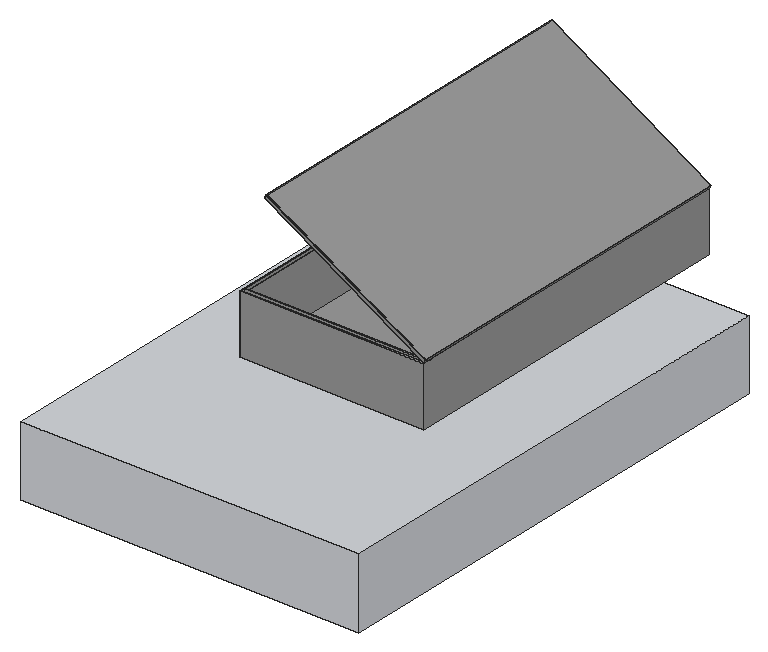
Revit family "Hager-Univers-IP55-D275-H1550-Cl.II-Steel_encl-SE-en", category Equipement électrique, Revit 2020
Family settings
  Hôte = Face
  Configuration du panneau = Deux colonnes, circuits au sein
  Cote de connecteur circulaire = Utiliser le diamètre
  Type d'élément = Tableau de raccordement
  Couper avec des vides une fois chargée = Non
  Partagée = Non
  Point de calcul de pièce = Non
Parameters (values of type "Surface mounted (plaster) IP55 W800 H1550 D275  - FR03S")
  Width Control [instance] = if([EF000008 - Width] > Min Width, [EF000008 - Width], Min Width)  # 800 mm
  Commentaires du type = [HG000003 - Range]  # "Univers"
  Thickness Door [instance] = if([EF009171 - Material plate thickness door/cover] > 3 mm, 3 mm, [EF009171 - Material plate thickness door/cover])  # 1.5 mm
  Seal Frame Offset [instance] = 17 mm  # constant formula
  Plinth Visibility [instance] = [HG000027 - Plinth height] > 0 mm  # no
  Model = ""
  Min Width [instance] = 100 mm  # constant formula
  Min Height [instance] = 100 mm  # constant formula
  Min Depth [instance] = (2 * [EF009170 - Material plate thickness cabinet]) + 1 mm  # 4 mm
  Internal Frame Depth [instance] = (Door System Depth * 0.5)  # 9 mm
  Height Control [instance] = if([EF000040 - Height] > Min Height, [EF000040 - Height], Min Height)  # 1550 mm
  HG000027 - Plinth height = 0 mm
  HG000026 - Floor standing = no
  HG000024 - Bottom section height = 800 mm
  HG000023 - Double section enclosure = no
  HG000016 - Door 3d visibility [instance] = yes
  HG000015 - Clearance visibility [instance] = no
  HG000014 - Door on the right [instance] = yes
  HG000013 - Door on the left [instance] = not([HG000014 - Door on the right])  # no
  HG000012 - Door swing angle [instance] = 30.00°
  HG000010 - Asymmetric doors = no
  HG000009 - Double swing door = no
  HG000006 - Flush mounted = no
  HG000004 - Manufacturer reference = "FR03S"
  HG000003 - Range = "Univers"
  HG000002 - With door or cover = yes
  Frame Offset Bottom [instance] = 10 mm  # constant formula
  Frame Offset [instance] = 15 mm  # constant formula
  EF015940 - Cover with overpressure release = no
  EF011959 - Degree of protection (NEMA) = ""
  EF009554 - Number of openings for flange plates = 6
  EF009212 - Cover model = "EV000116 - Closed"
  EF009171 - Material plate thickness door/cover = 1.5 mm
  EF009170 - Material plate thickness cabinet = 1.5 mm
  Fabricant = "Hager"  # constant formula
  EF008873 - Nominal current (In) = 800 A
  EF007800 - Suitable for lightning protection = no
  EF006306 - With lock = no
  EF006244 - Transparent cover/door = no
  EF005474 - Degree of protection (IP) = "EV006420 - IP55"
  EF004464 - Type of door = "EV002646 - Single"
  EF004427 - Number of modules = 360
  EF004293 - Impact strength = "EV008784 - IK10"
  EF003532 - Suitable for outdoor use = no
  EF002950 - Width in number of modular spacings = 24
  EF001613 - Circuit integrity = "EV000494 - None"
  EF001596 - Material housing = "EV000179 - Steel"
  EF001131 - Internal depth = 275 mm
  EF001088 - Extension possible = yes
  EF000437 - Number of conduit inlets = 6
  EF000339 - Type of cover = "EV004216 - Door"
  EF000266 - Number of rows = 10
  EF000218 - Built-in depth = 0 mm
  EF000118 - With mounting plate = no
  EF000116 - RAL-number = "7035"
  EF000049 - Depth = 275 mm
  EF000040 - Height = 1550 mm
  EF000008 - Width = 800 mm
  EF000007 - Colour = "EV000270 - Grey"
  EF000003 - Mounting method = "EV000384 - Surface mounted (plaster)"
  Door System Leaf Tolerance [instance] = 1.5 mm  # constant formula
  Door System Depth [instance] = 18 mm  # constant formula
  Door Height [instance] = Height Control - [HG000027 - Plinth height]  # 1550 mm
  Depth Control [instance] = if([EF000049 - Depth] > Min Depth, [EF000049 - Depth], Min Depth)  # 275 mm
  Default Elevation = 0 mm
  Connector Offset [instance] = Height Control / 2  # 775 mm
  Bottom Top Plate Trim [instance] = 1.5 mm  # constant formula
  Plinth height Ctrl [instance] = if([HG000027 - Plinth height] > 0 mm, [HG000027 - Plinth height], 12 mm)  # 12 mm
Types (5, lengths in mm): name | Width Control | HG000010 - Asymmetric doors | HG000009 - Double swing door | HG000004 - Manufacturer reference | EF009554 - Number of openings for flange plates | EF004464 - Type of door | EF004427 - Number of modules | EF000437 - Number of conduit inlets | EF000008 - Width
  Surface mounted (plaster) IP55 W1050 H1550 D275  - FR04S | 1050 | no | yes | "FR04S" | 8 | "EV003602 - Double" | 480 | 8 | 1050
  Surface mounted (plaster) IP55 W1300 H1550 D275  - FR05S | 1300 | yes | yes | "FR05S" | 10 | "EV003602 - Double" | 600 | 10 | 1300
  Surface mounted (plaster) IP55 W300 H1550 D275  - FR01S | 300 | no | no | "FR01S" | 2 | "EV002646 - Single" | 120 | 2 | 300
  Surface mounted (plaster) IP55 W550 H1550 D275  - FR02S | 550 | no | no | "FR02S" | 4 | "EV002646 - Single" | 240 | 4 | 550
  Surface mounted (plaster) IP55 W800 H1550 D275  - FR03S | 800 | no | no | "FR03S" | 6 | "EV002646 - Single" | 360 | 6 | 800
Reference planes
  plane 1 "Center (Front/Back)": y = 0
  plane 2: z = 0
  plane 3 "Center (Left/Right)": x = 0
  plane 4: z = 275
  plane 5: y = 1.5
  plane 6: y = 775
  plane 7: y = 0
  plane 8: y = 1550
  plane 9: z = 0
  plane 10: x = -385
  plane 11: x = 385
  plane 12: x = 383.5
  plane 13: x = -383.5
  plane 14: y = 1548.5
  plane 15: x = -383
  plane 16: x = -400
  plane 17: x = 383
  plane 18: x = 400
  plane 19: x = 398.5
  plane 20: x = -398.5
  plane 21: y = 11.5
  plane 22: y = 1550
  plane 23: y = 1533.5
  plane 24: z = 257
  plane 25: z = 1.5
  plane 26: z = 255.5
  plane 27: z = 273.5
Forms (mm)
  Extrusion 1, solid
    sketch origin (0, 0, 0) x (1, 0, 0) y (0, 1, 0)
      loop
        line (-702.964, 1305) -> (-702.964, -811.445) -> (766.763, -811.445) -> (766.763, 1305) -> (-702.964, 1305)
    from 0 to -304.8
  Extrusion 2, solid, material "Hager_Steel_RAL7035_Light_Grey", visible <- "Plinth Visibility", detail levels medium+fine
    sketch origin (0, 0, 0) x (1, 0, 0) y (0, 1, 0)
      loop
        line (-400, 0) -> (400, 0) -> (400, 12) -> (-400, 12) -> (-400, 0)
    from 0 to 257
  Extrusion 3, solid, material "Hager_Steel_RAL7035_Light_Grey", detail levels medium+fine
    sketch origin (0, 0, 0) x (1, 0, 0) y (0, 1, 0)
      loop
        line (-400, 0) -> (400, 0) -> (400, 1550) -> (-400, 1550) -> (-400, 0)
    from 0 to 257
  Extrusion 4, void
    sketch origin (0, 0, 0) x (1, 0, 0) y (0, 1, 0)
      loop
        line (-398.5, 1.5) -> (398.5, 1.5) -> (398.5, 1548.5) -> (-398.5, 1548.5) -> (-398.5, 1.5)
    from 1.5 to 255.5
  Extrusion 5, void
    sketch origin (-381.607, -4572, 257) x (0, -1, 0) y (-1, 0, 0)
      loop
        line (-4583.5, 1.893) -> (-6105.5, 1.893) -> (-6105.5, -765.107) -> (-4583.5, -765.107) -> (-4583.5, 1.893)
    from 0 to 1.5 <- "EF009170 - Material plate thickness cabinet"
  Extrusion 6, solid, material "Hager_Steel_RAL7035_Light_Grey", detail levels fine
    sketch origin (0, 0, 257) x (1, 0, 0) y (0, 1, 0)
      loop
        line (-383.5, 1533.5) -> (-383.5, 11.5) -> (383.5, 11.5) -> (383.5, 1533.5) -> (-383.5, 1533.5)
      loop
        line (-385, 10) -> (385, 10) -> (385, 1535) -> (-385, 1535) -> (-385, 10)
    from 0 to 9 <- "Internal Frame Depth"
  Extrusion 7, solid, material "Hager_Steel_RAL7035_Light_Grey", detail levels coarse
    sketch origin (0, 0, 0) x (1, 0, 0) y (0, 1, 0)
      loop
        line (-400, 0) -> (400, 0) -> (400, 1550) -> (-400, 1550) -> (-400, 0)
    from 0 to 275
  Sweep 8, void
    path in 3D
      loop
        line (-400, 12, 0) -> (400, 12, 0) -> (400, 12, 257) -> (-400, 12, 257) -> (-400, 12, 0)
    profile origin (-400, 12, 128.5) x (-1, 0, 0) y (0, -1, 0)
      loop
        line (0, 0) -> (0, 1.5) -> (-1.5, 1.5)
        arc (-1.5, 1.5) -> (-1.061, 0.439) -> (0, 0) r 1.5
Cuts and joins
  Extrusion 4, Extrusion 5 cuts Extrusion 3
  Sweep 8 cuts Extrusion 2
Lines and regions (mm)
  Masking region 1
    outline origin (0, 0, 0) x (1, 0, 0) y (0, 0, 1)
      loop
        line (-400, 275) -> (-400, 0) -> (400, 0) -> (400, 275) -> (-400, 275)
  Masking region 2, detail levels medium+fine
    outline origin (0, 140, 0) x (0, 1, 0) y (0, 0, 1)
      loop
        line (-140, 0) -> (1410, 0) -> (1410, 257) -> (-140, 257) -> (-140, 0)
  Masking region 3, not visible, detail levels medium+fine
    outline origin (0, 297.922, 0) x (0, 1, 0) y (0, 0, 1)
      loop
        line (488.578, 0) -> (528.578, 0) -> (528.578, 263.5)
        arc (528.578, 263.5) -> (525.649, 270.571) -> (518.578, 273.5) r 10
        line (518.578, 273.5) -> (488.578, 273.5) -> (488.578, 0)
  Masking region 4, detail levels coarse
    outline origin (0, 0, 180) x (0, 1, 0) y (0, 0, 1)
      loop
        line (0, -180) -> (1550, -180) -> (1550, 95) -> (0, 95) -> (0, -180)
  Masking region 5, visible <- "Plinth Visibility", detail levels medium+fine
    outline origin (0, 52.24, 12.345) x (0, 0, -1) y (0, 1, 0)
      loop
        line (10.845, -40.24) -> (-243.155, -40.24)
        arc (-243.155, -40.24) -> (-243.594, -41.301) -> (-244.655, -41.74) r 1.5
        line (-244.655, -41.74) -> (-244.655, -52.24) -> (12.345, -52.24) -> (12.345, -41.74)
        arc (12.345, -41.74) -> (11.285, -41.301) -> (10.845, -40.24) r 1.5
  Masking region 6, detail levels medium+fine
    outline origin (-381.607, -4572, 257) x (-1, 0, 0) y (0, -1, 0)
      loop
        line (18.393, -6122) -> (18.393, -4572) -> (-781.607, -4572) -> (-781.607, -6122) -> (18.393, -6122)
  Masking region 7, visible <- "Plinth Visibility", detail levels medium+fine
    outline origin (-381.607, -4727, 257) x (-1, 0, 0) y (0, -1, 0)
      loop
        arc (16.893, -4739) -> (17.332, -4737.939) -> (18.393, -4737.5) r 1.5
        line (18.393, -4737.5) -> (18.393, -4727) -> (-781.607, -4727) -> (-781.607, -4737.5)
        arc (-781.607, -4737.5) -> (-780.546, -4737.939) -> (-780.107, -4739) r 1.5
        line (-780.107, -4739) -> (16.893, -4739)
  Masking region 8, detail levels coarse
    outline origin (-442.548, -4669.526, 257) x (-1, 0, 0) y (0, -1, 0)
      loop
        line (-42.548, -6219.526) -> (-42.548, -4669.526) -> (-842.548, -4669.526) -> (-842.548, -6219.526) -> (-42.548, -6219.526)
  sketch lines
    curve 1: line (-400, 12, 257) -> (-400, 12, 0)
    curve 2: line (400, 12, 257) -> (-400, 12, 257)
    curve 3: line (400, 12, 257) -> (400, 12, 0)
    curve 4: line (-400, 12, 0) -> (400, 12, 0)
Dimensions and locks
  "Depth Control": plane 4 to Extrusion 1
  "HG000027 - Plinth height": plane 1 "Center (Front/Back)" to plane 7
  "EF009170 - Material plate thickness cabinet": plane 5 to plane 7
  locked: connector elem to plane 3 "Center (Left/Right)"
  equal spacing: plane 8, plane 6, plane 7
  locked: connector elem to plane 6
  "EF009170 - Material plate thickness cabinet": plane 8 to plane 14
  "EF009170 - Material plate thickness cabinet": plane 10 to plane 13
  "EF009170 - Material plate thickness cabinet": plane 12 to plane 11
  "Frame Offset": plane 20 to plane 13
  "Frame Offset": plane 12 to plane 19
  "EF009170 - Material plate thickness cabinet": plane 16 to plane 20
  "EF009170 - Material plate thickness cabinet": plane 19 to plane 18
  "Seal Frame Offset": plane 16 to plane 15
  "Seal Frame Offset": plane 17 to plane 18
  "Frame Offset Bottom": plane 21 to plane 5
  "Frame Offset": plane 14 to plane 23
  equal spacing: plane 16, plane 3 "Center (Left/Right)", plane 18
  "Width Control": plane 16 to plane 18
  "EF009170 - Material plate thickness cabinet": plane 4 to plane 27
  "EF009170 - Material plate thickness cabinet": plane 24 to plane 26
  "EF009170 - Material plate thickness cabinet": plane 25 to level
  "Door System Depth": plane 4 to plane 24
  "Height Control": plane 1 "Center (Front/Back)" to Extrusion 7 sketch curve
  "Height Control": Masking region 4 sketch curve to plane 1 "Center (Front/Back)"
  "Height Control": plane 1 "Center (Front/Back)" to plane 22
  "Bottom Top Plate Trim": profile plane to Sweep 8 sketch curve
  "Bottom Top Plate Trim": Sweep 8 sketch curve to profile plane
  "Plinth height Ctrl": plane 1 "Center (Front/Back)" to Extrusion 2 sketch curve
  "Plinth height Ctrl": Masking region 5 sketch curve to plane 1 "Center (Front/Back)"
  "Plinth height Ctrl": plane 1 "Center (Front/Back)" to Masking region 7 sketch curve
  "Thickness Door": Extrusion 6 sketch curve to Extrusion 6 sketch curve  (x3)
  "Thickness Door": cut or joined group of Extrusion 3, Extrusion 4, Extrusion 5 to Extrusion 6 sketch curve
  radius of Masking region 3 sketch curve = 10 mm
  "Bottom Top Plate Trim": radius of Masking region 5 sketch curve  (x2)
  "Bottom Top Plate Trim": radius of Sweep 8 sketch curve
  "Bottom Top Plate Trim": radius of Masking region 7 sketch curve  (x2)
  aligned and locked: plane 2 to Extrusion 1
  aligned and locked: level to Extrusion 1
  aligned and locked: level to Masking region 1 sketch curve
  aligned and locked: Masking region 1 sketch curve to plane 18
  aligned and locked: Masking region 1 sketch curve to plane 16
  aligned and locked: plane 7 to Masking region 2 sketch curve
  aligned and locked: level to Masking region 3 sketch curve
  aligned and locked: Masking region 3 sketch curve to plane 27
  aligned and locked: level to Masking region 2 sketch curve
  aligned and locked: plane 1 "Center (Front/Back)" to Extrusion 2 sketch curve
  aligned and locked: Extrusion 3 sketch curve to plane 7
  aligned and locked: plane 16 to Extrusion 3 sketch curve
  aligned and locked: plane 18 to Extrusion 3 sketch curve
  aligned and locked: plane 20 to Extrusion 4 sketch curve
  aligned and locked: plane 19 to Extrusion 4 sketch curve
  aligned and locked: Extrusion 4 sketch curve to plane 5
  aligned and locked: Extrusion 4 to plane 25
  aligned and locked: plane 26 to Extrusion 4
  aligned and locked: plane 24 to Extrusion 3
  aligned and locked: Extrusion 5 sketch curve to plane 21
  aligned and locked: Extrusion 5 sketch curve to plane 13
  aligned and locked: Extrusion 5 sketch curve to plane 12
  aligned and locked: plane 18 to Extrusion 7 sketch curve
  aligned and locked: plane 1 "Center (Front/Back)" to Extrusion 7 sketch curve
  aligned and locked: plane 16 to Extrusion 7 sketch curve
  aligned and locked: plane 4 to Extrusion 7
  aligned and locked: Extrusion 7 to level
  aligned and locked: level to Masking region 4 sketch curve
  aligned and locked: Masking region 4 sketch curve to plane 1 "Center (Front/Back)"
  aligned and locked: Masking region 4 sketch curve to plane 4
  aligned and locked: nested 1 to level
  aligned and locked: nested 1 to plane 16
  aligned and locked: plane 8 to Extrusion 3 sketch curve
  aligned and locked: plane 23 to Extrusion 5 sketch curve
  aligned and locked: plane 14 to Extrusion 4 sketch curve
  aligned and locked: Masking region 2 sketch curve to plane 8
  aligned and locked: level to Masking region 5 sketch curve
  aligned and locked: plane 16 to Extrusion 2 sketch curve
  aligned and locked: plane 18 to Extrusion 2 sketch curve
  aligned and locked: Masking region 5 sketch curve to plane 24
  aligned and locked: Masking region 2 sketch curve to plane 24
  aligned and locked: plane 24 to Extrusion 2
  aligned and locked: profile plane to Sweep 8 sketch curve  (x2)
  aligned and locked: Masking region 6 sketch curve to plane 18
  aligned and locked: Masking region 6 sketch curve to plane 22
  aligned and locked: Masking region 6 sketch curve to plane 16
  aligned and locked: plane 8 to plane 22
  aligned and locked: Masking region 6 sketch curve to plane 7
  aligned and locked: Masking region 7 sketch curve to plane 16
  aligned and locked: Masking region 7 sketch curve to plane 1 "Center (Front/Back)"
  aligned and locked: Masking region 7 sketch curve to plane 18
  aligned and locked: Masking region 8 sketch curve to plane 1 "Center (Front/Back)"
  aligned and locked: Masking region 8 sketch curve to plane 18
  aligned and locked: Masking region 8 sketch curve to plane 22
  aligned and locked: Masking region 8 sketch curve to plane 16
  aligned and locked: nested 2 to plane 7
  aligned and locked: plane 3 "Center (Left/Right)" to nested 2
  aligned and locked: nested 2 to plane 24
  aligned and locked: Extrusion 6 sketch curve to cut or joined group of Extrusion 3, Extrusion 4, Extrusion 5  (x4)
Automatic sketch dimensions
  Extrusion 1 sketch curve to Extrusion 1 sketch curve = 1469.727 mm
  Extrusion 1 sketch curve to Extrusion 1 sketch curve = 2116.445 mm
  Masking region 1 sketch curve to plane 4 = 0 mm
  plane 6 to Masking region 3 sketch curve = 11.5 mm
  Masking region 3 sketch curve to Masking region 3 sketch curve = 30 mm
  Masking region 5 sketch curve to plane 1 "Center (Front/Back)" = 0 mm
Nested families
  nested 1: "Hager_Enclosure_Symbol" at (-400, 0, 0) x (1, 0, 0) z (0, -1, 0), Height <- "Depth Control", Width <- "Width Control", type "Hager_Enclosure_Symbol"
    with Width_Ctrl 800 mm, Width 800 mm, Height_Ctrl 275 mm, Height 275 mm, A_Width_Int 18.047 mm, A_Width 216.562 mm, A_Height_Ctrl 240.625 mm, A_Height 240.625 mm
  nested 2: "EC000058_Univers_Door" at (0, 0, 257) x (1, 0, 0) z (0, 1, 0), Leaf_Tolerance <- "Door System Leaf Tolerance", Angle <- "HG000012 - Door swing angle", Door_Depth <- "Door System Depth", Door_Left <- "HG000013 - Door on the left", Transparent <- "EF006244 - Transparent cover/door", Assymetrical <- "HG000010 - Asymmetric doors", Width <- "Width Control", Clearance <- "HG000015 - Clearance visibility", Double <- "HG000009 - Double swing door", 3d_Door <- "HG000016 - Door 3d visibility", Lock_Visibility <- "EF006306 - With lock", Width_Ctrl <- "Width Control", Door_Right <- "HG000014 - Door on the right", Door <- "HG000002 - With door or cover", Height <- "Door Height", Thickness <- "Thickness Door", type "EC000058_Univers_Door", detail levels medium+fine
    with min_wh 4 mm, Width_Ctrl 800 mm, Width 800 mm, Transparent no, Thickness 1.5 mm, Seal_Material Hager_Rubber, Lock_Visibility no, Lock_Material Hager_Plastic_RAL9005_Jet_Black, Leaf_Width 800 mm, Leaf_Tolerance_External_Sides 0 mm, Leaf_Tolerance 1.5 mm, Leaf_Offset 0 mm, Leaf_Height 1547 mm, Leaf_2_Width 800 mm, Leaf_2_Offset 400 mm, Leaf_1_Width 800 mm, Leaf_1_Offset 400 mm, Height_Ctrl 1550 mm, Height 1550 mm, Glass_Material Hager_Glass, Double_Clearance_Ctrl no, Double no, Door_Right_Ctrl yes, Door_Right yes, Door_Material Hager_Steel_RAL7035_Light_Grey, Door_Left_Ctrl no, Door_Left no, Door_Depth 18 mm, Door yes, Clearance_Material Hager_Clearance, Clearance_Depth 800 mm, Clearance_Ctrl no, Clearance no, Assymetrical no, Angle 30.00°, 3d_Door yes
Connectors
  electrical at (0, 775, 0)
    settings: on plane 9, index 1, voltage 0 V, apparent load 0 VA, apparent load phase1 0 VA, apparent load phase2 0 VA, apparent load phase3 0 VA, power factor 1, load classification "Other", number of poles 1, system type 30, power factor state 1, is connector primary yes, connector utility no, sub classification motor no, connector description ""
Definition of nested family "EC000058_Univers_Door"
  Parameters (values of type "EC000058_Univers_Door")
    min_wh [instance] = (2 * Thickness) + 1 mm  # 11 mm
    Width_Ctrl [instance] = 400 mm
    Width [instance] = 500 mm
    Transparent [instance] = yes
    Thickness [instance] = 5 mm
    Seal_Material [instance] = none
    Lock_Visibility [instance] = yes
    Lock_Material [instance] = none
    Leaf_Width [instance] = if((Width_Ctrl - 2 * Leaf_Tolerance_External_Sides) > 0 mm, (Width_Ctrl - 2 * Leaf_Tolerance_External_Sides), min_wh)  # 400 mm
    Leaf_Tolerance_External_Sides [instance] = 0 mm  # constant formula
    Leaf_Tolerance [instance] = 1.5 mm
    Leaf_Offset [instance] = 0 mm  # constant formula
    Leaf_Height [instance] = if((Height_Ctrl - 2 * Leaf_Tolerance) > 0 mm, (Height_Ctrl - 2 * Leaf_Tolerance), min_wh)  # 497 mm
    Leaf_2_Width [instance] = if(and(and(Double, Assymetrical), Door_Left), (Leaf_Width / 3) - (Leaf_Tolerance / 2), if(and(and(Double, Assymetrical), Door_Right), (Leaf_Width / 3) * 2 - (Leaf_Tolerance / 2), if(and(Double, not(Assymetrical)), (Leaf_Width / 2) - Leaf_Tolerance, Leaf_Width)))  # 400 mm
    Leaf_2_Offset [instance] = if(and(Double, Assymetrical), Leaf_2_Width / 2, if(and(Double, not(Assymetrical)), Leaf_Width / 4, Leaf_Width / 2))  # 200 mm
    Leaf_1_Width [instance] = if(and(and(Double, Assymetrical), Door_Right), (Leaf_Width / 3) - (Leaf_Tolerance / 2), if(and(and(Double, Assymetrical), Door_Left), (Width / 3) * 2 - (Leaf_Tolerance / 2), if(and(Double, not(Assymetrical)), (Leaf_Width / 2) - Leaf_Tolerance, Leaf_Width)))  # 400 mm
    Leaf_1_Offset [instance] = if(and(Double, Assymetrical), Leaf_1_Width / 2, if(and(Double, not(Assymetrical)), Leaf_Width / 4, Leaf_Width / 2))  # 200 mm
    Height_Ctrl [instance] = if(Height > min_wh, Height, min_wh)  # 500 mm
    Height [instance] = 500 mm
    Glass_Material [instance] = none
    Double_Clearance_Ctrl [instance] = and(Double, Clearance)  # no
    Double [instance] = no
    Door_Right_Ctrl [instance] = and(or(Door_Right, Double), Door)  # yes
    Door_Right [instance] = yes
    Door_Material [instance] = none
    Door_Left_Ctrl [instance] = and(or(Door_Left, Double), Door)  # no
    Door_Left [instance] = no
    Door_Depth [instance] = 30 mm
    Door [instance] = yes
    Default Elevation = 1219.2 mm
    Clearance_Material [instance] = none
    Clearance_Depth [instance] = if(Leaf_1_Width > Leaf_2_Width, Leaf_1_Width, Leaf_2_Width)  # 400 mm
    Clearance_Ctrl [instance] = and(not(Double), Clearance)  # yes
    Clearance [instance] = yes
    Assymetrical [instance] = yes
    Angle [instance] = 30.00°
    3d_Door [instance] = yes
  Reference planes
    plane 1 "Center (Front/Back)": y = 0
    plane 2 "Bottom": z = 0
    plane 3 "Center (Left/Right)": x = 0
    plane 4: z = 500
    plane 5: x = -200
    plane 6: x = 200
    plane 7: z = 500
    plane 8: x = -200
    plane 9: z = 0
    plane 10: x = 200
    plane 11: y = 0
    plane 12: z = 1.5
    plane 13: x = -600
    plane 14: y = -400
    plane 15: x = 600
    plane 16: x = 0
    plane 17: x = 0
    plane 18: x = -200
    plane 19: x = 200
    plane 20: z = 498.5
  Forms (mm)
    Extrusion 1, solid, material <- "Clearance_Material", visible <- "Double_Clearance_Ctrl"
      sketch origin (1200, 0, 0) x (1, 0, 0) y (0, 0, -1)
        loop
          line (-1800, -498.5) -> (-600, -498.5) -> (-600, 0) -> (-1800, 0) -> (-1800, -498.5)
      from 0 to -400
  Dimensions and locks
    equal spacing: plane 5, plane 3 "Center (Left/Right)", plane 6
    "Width_Ctrl": plane 5 to plane 6
    "Leaf_Offset": plane 5 to plane 8
    "Leaf_Offset": plane 6 to plane 10
    "Leaf_Offset": plane 9 to level
    "Leaf_Offset": plane 4 to plane 7
    "Height_Ctrl": plane 4 to level
    "Leaf_Tolerance": plane 12 to plane 9
    locked: plane 11 to plane 1 "Center (Front/Back)"
    "Leaf_1_Offset": plane 18 to plane 16
    "Leaf_2_Offset": plane 17 to plane 19
    "Leaf_1_Width": plane 13 to plane 8
    "Leaf_2_Width": plane 10 to plane 15
    "Clearance_Depth": plane 14 to plane 1 "Center (Front/Back)"
    "Leaf_Tolerance_External_Sides": plane 8 to plane 18
    "Leaf_Tolerance_External_Sides": plane 19 to plane 10
    "Leaf_Tolerance": plane 7 to plane 20
    aligned and locked: level to plane 2 "Bottom"
    aligned and locked: nested 1 to plane 16
    aligned and locked: nested 2 to plane 17
    aligned and locked: Extrusion 1 to plane 13
    aligned and locked: plane 15 to Extrusion 1
    aligned and locked: Extrusion 1 to plane 14
    aligned and locked: plane 12 to nested 1
    aligned and locked: nested 2 to plane 12
    aligned and locked: Extrusion 1 to plane 11
    aligned and locked: plane 20 to Extrusion 1
    aligned and locked: nested 2 to plane 11
    aligned and locked: nested 1 to plane 11
  Automatic sketch dimensions
    Extrusion 1 sketch curve to level = 0 mm
    plane 5 to Extrusion 1 sketch curve = 400 mm
    plane 6 to Extrusion 1 sketch curve = 400 mm
    Extrusion 1 sketch curve to plane 4 = 1.5 mm
  Nested families
    nested 1: "EC000058_Univers_Door_Leaf" at (0, 0, 1.5), Width <- "Leaf_1_Width", visible <- "Door_Left_Ctrl", Leaf_Height <- "Leaf_Height", Angle <- "Angle", 3d_Door <- "3d_Door", Transparent <- "Transparent", Clearance Material <- "Clearance_Material", Clearance <- "Clearance_Ctrl", Door_Material <- "Door_Material", Glass_Material <- "Glass_Material", Door_Depth <- "Door_Depth", Lock_Material <- "Lock_Material", Seal_Material <- "Seal_Material", Lock_Visibility <- "Lock_Visibility", Thickness <- "Thickness", type "EC000058_Univers_Door_Leaf"
      with Width 400 mm, Transparent_Glass_Offset 30 mm, Transparent_Ctrl yes, Transparent yes, Thickness 5 mm, Standard no, Seal_Material none, Seal_D2 8 mm, Seal_D1 1 mm, Offset_Internal_Frame 10 mm, Lock_Width 20 mm, Lock_Visibility_3d yes, Lock_Visibility yes, Lock_Thickness_3 3 mm, Lock_Thickness_2 1 mm, Lock_Thickness_1 3 mm, Lock_Radius_Offset_2 16 mm, Lock_Radius_Offset_1 15 mm, Lock_Radius_2 5 mm, Lock_Radius 6 mm, Lock_Offset 5 mm, Lock_Material none, Lock_Height 80 mm, Lock_Cover_Top_Offset_2d 17 mm, Lock_Cover_Height -65 mm, Leaf_Height 497 mm, Internal_Seal_Thickness 8 mm, Internal_Seal_Depth_2 4.5 mm, Internal_Frame_Depth 25 mm, Glass_Thickness -1 mm, Glass_Offset -2 mm, Glass_Material none, Door_Material none, Door_Depth 30 mm, Clearance Material none, Clearance yes, Angle_Ctrl 30.00°, Angle 30.00°, 3d_Door yes
    nested 2: "EC000058_Univers_Door_Leaf" at (0, 0, 1.5) x (-1, 0, 0) z (0, 0, 1), Width <- "Leaf_2_Width", visible <- "Door_Right_Ctrl", Leaf_Height <- "Leaf_Height", Angle <- "Angle", 3d_Door <- "3d_Door", Transparent <- "Transparent", Clearance Material <- "Clearance_Material", Clearance <- "Clearance_Ctrl", Door_Material <- "Door_Material", Glass_Material <- "Glass_Material", Door_Depth <- "Door_Depth", Lock_Material <- "Lock_Material", Seal_Material <- "Seal_Material", Lock_Visibility <- "Lock_Visibility", Thickness <- "Thickness", type "EC000058_Univers_Door_Leaf"
      with Width 400 mm, Transparent_Glass_Offset 30 mm, Transparent_Ctrl yes, Transparent yes, Thickness 5 mm, Standard no, Seal_Material none, Seal_D2 8 mm, Seal_D1 1 mm, Offset_Internal_Frame 10 mm, Lock_Width 20 mm, Lock_Visibility_3d yes, Lock_Visibility yes, Lock_Thickness_3 3 mm, Lock_Thickness_2 1 mm, Lock_Thickness_1 3 mm, Lock_Radius_Offset_2 16 mm, Lock_Radius_Offset_1 15 mm, Lock_Radius_2 5 mm, Lock_Radius 6 mm, Lock_Offset 5 mm, Lock_Material none, Lock_Height 80 mm, Lock_Cover_Top_Offset_2d 17 mm, Lock_Cover_Height -65 mm, Leaf_Height 497 mm, Internal_Seal_Thickness 8 mm, Internal_Seal_Depth_2 4.5 mm, Internal_Frame_Depth 25 mm, Glass_Thickness -1 mm, Glass_Offset -2 mm, Glass_Material none, Door_Material none, Door_Depth 30 mm, Clearance Material none, Clearance yes, Angle_Ctrl 30.00°, Angle 30.00°, 3d_Door yes
  Definition of nested family "EC000058_Univers_Door_Leaf"
    Parameters (values of type "EC000058_Univers_Door_Leaf")
      Width [instance] = 2000 mm
      Transparent_Glass_Offset [instance] = 30 mm
      Transparent_Ctrl [instance] = and(Transparent, [3d_Door])  # yes
      Transparent [instance] = yes
      Thickness [instance] = 5 mm
      Standard [instance] = and(not(Transparent), [3d_Door])  # no
      Seal_Material [instance] = none
      Seal_D2 [instance] = 8 mm  # constant formula
      Seal_D1 [instance] = 1 mm  # constant formula
      Offset_Internal_Frame [instance] = 10 mm  # constant formula
      Lock_Width [instance] = 20 mm  # constant formula
      Lock_Visibility_3d [instance] = and(Lock_Visibility, [3d_Door])  # yes
      Lock_Visibility [instance] = yes
      Lock_Thickness_3 [instance] = 3 mm  # constant formula
      Lock_Thickness_2 [instance] = 1 mm  # constant formula
      Lock_Thickness_1 [instance] = 3 mm  # constant formula
      Lock_Radius_Offset_2 [instance] = Lock_Radius_Offset_1 + 1 mm  # 16 mm
      Lock_Radius_Offset_1 [instance] = 15 mm  # constant formula
      Lock_Radius_2 [instance] = Lock_Radius - 1 mm  # 5 mm
      Lock_Radius [instance] = 6 mm  # constant formula
      Lock_Offset [instance] = 5 mm  # constant formula
      Lock_Material [instance] = none
      Lock_Height [instance] = 80 mm  # constant formula
      Lock_Cover_Top_Offset_2d [instance] = Lock_Radius_Offset_2 + 1 mm  # 17 mm
      Lock_Cover_Height [instance] = -(Lock_Height - Lock_Radius_Offset_1)  # -65 mm
      Leaf_Height [instance] = 2720.336 mm
      Internal_Seal_Thickness [instance] = 8 mm  # constant formula
      Internal_Seal_Depth_2 [instance] = 4.5 mm  # constant formula
      Internal_Frame_Depth [instance] = if(Door_Depth - Thickness > 5 mm, Door_Depth - Thickness, 5 mm)  # 25 mm
      Glass_Thickness [instance] = if(Thickness > 15 mm, Glass_Offset + 10 mm, -1 mm)  # -1 mm
      Glass_Offset [instance] = if(Thickness > 15 mm, -(Thickness + 10 mm) / 2, -2 mm)  # -2 mm
      Glass_Material [instance] = none
      Door_Material [instance] = none
      Door_Depth [instance] = 30 mm
      Default Elevation = 0 mm
      Clearance Material [instance] = none
      Clearance [instance] = yes
      Angle_Ctrl [instance] = if(Angle > 180.00°, 180.00°, Angle)  # 90.00°
      Angle [instance] = 90.00°
      3d_Door [instance] = yes
    Reference planes
      plane 1 "Center (Front/Back)": y = 0
      plane 2: z = 0
      plane 3 "Center (Left/Right)": x = 0
      plane 4: y = 2000
      plane 5: x = -1000
      plane 6: x = 1000
      plane 7: x = -3000
      plane 8: z = 2720.336
      plane 9: z = 30
      plane 10: z = 2690.336
      plane 11: x = 970
      plane 12: x = -970
      plane 13: y = -3
      plane 14: z = 107.833
      plane 15: y = -5
      plane 16: y = -223.314
      plane 17: x = -1000
      plane 18: z = 1360.168
      plane 19: y = 30
    Forms (mm)
      Extrusion 1, solid, material <- "Clearance Material", visible <- "Clearance"
        sketch origin (0, 0, 0) x (1, 0, 0) y (0, 0, 1)
          loop
            line (-3000, 2720.336) -> (-3000, 0) -> (1000, 0) -> (1000, 2720.336) -> (-3000, 2720.336)
        from 0 to -2000
      Extrusion 2, solid, material <- "Door_Material", visible <- "Standard", detail levels medium+fine
        sketch origin (-1000, 0, 0) x (0, 1, 0) y (-1, 0, 0)
          loop
            line (0, 30) -> (0, 25) -> (2000, 25) -> (2000, 30) -> (0, 30)
        from 0 to 2720.336 <- "Leaf_Height"
      Extrusion 3, solid, material <- "Door_Material", visible <- "Transparent_Ctrl", detail levels medium+fine
        sketch origin (-1000, 0, 0) x (0, 1, 0) y (-1, 0, 0)
          loop
            line (0, 25) -> (2000, 25) -> (2000, 30) -> (0, 30) -> (0, 25)
        from 0 to 2720.336 <- "Leaf_Height"
      Extrusion 4, void
        sketch origin (-1025, 2000, 0) x (0, 1, 0) y (0, 0, -1)
          loop
            line (-30, -2690.336) -> (-30, -30) -> (-1970, -30) -> (-1970, -2690.336) -> (-30, -2690.336)
        from 0 to 5 <- "Thickness"
      Sweep 5, solid, material <- "Seal_Material", visible <- "Transparent_Ctrl", detail levels fine
        path in 3D
          loop
            line (-1025, 30, 30) -> (-1025, 30, 2690.336) -> (-1025, 1970, 2690.336) -> (-1025, 1970, 30) -> (-1025, 30, 30)
        profile origin (-1025, 1000, 30) x (1, 0, 0) y (0, 0, 1)
          loop
            line (0, 0) -> (0, -8) -> (1, -8) -> (1, 0) -> (0, 0)
      Extrusion 6, solid, material <- "Glass_Material", visible <- "Transparent_Ctrl", detail levels medium+fine
        sketch origin (-1030, 0, 0) x (0, 1, 0) y (0, 0, -1)
          loop
            line (1970, -2690.336) -> (1970, -30) -> (30, -30) -> (30, -2690.336) -> (1970, -2690.336)
        from -2 <- "Glass_Offset" to -1 <- "Glass_Thickness"
      Extrusion 7, solid, material <- "Door_Material", visible <- "3d_Door", detail levels medium+fine
        sketch origin (-1025, 2000, 0) x (0, -1, 0) y (0, 0, -1)
          loop
            line (0, -2720.336) -> (2000, -2720.336) -> (2000, 0) -> (0, 0) -> (0, -2720.336)
          loop
            line (1995, -5) -> (5, -5) -> (5, -2715.336) -> (1995, -2715.336) -> (1995, -5)
        from 0 to 25 <- "Internal_Frame_Depth"
      Sweep 8, solid, material <- "Seal_Material", visible <- "Transparent_Ctrl", detail levels fine
        path in 3D
          loop
            line (-1025, 0, 0) -> (-1025, 2000, 0) -> (-1025, 2000, 2720.336) -> (-1025, 0, 2720.336) -> (-1025, 0, 0)
        profile origin (-1025, 0, 1360.168) x (1, 0, 0) y (0, 1, 0)
          loop
            line (0, 10) -> (2.975, 10)
            arc (2.975, 10) -> (4.053, 10.447) -> (4.5, 11.525) r 1.525
            line (4.5, 11.525) -> (4.5, 16.527)
            arc (4.5, 16.527) -> (4.069, 17.569) -> (3.027, 18) r 1.473
            line (3.027, 18) -> (0, 18) -> (0, 10)
      Extrusion 9, solid, material <- "Lock_Material", visible <- "Lock_Visibility_3d", detail levels fine
        sketch origin (-1030, 0, 0) x (0, 1, 0) y (0, 0, -1)
          loop
            arc (1993.5, -1400.168) -> (1994.561, -1399.729) -> (1995, -1398.668) r 1.5
            line (1995, -1398.668) -> (1995, -1320.168) -> (1975, -1320.168) -> (1975, -1398.668)
            arc (1975, -1398.668) -> (1975.439, -1399.729) -> (1976.5, -1400.168) r 1.5
            line (1976.5, -1400.168) -> (1993.5, -1400.168)
        from 3 <- "Lock_Thickness_1" to 0
      Blend 10, solid, material <- "Lock_Material", visible <- "Lock_Visibility_3d", detail levels fine
        base sketch origin (-1033, 0, 0) x (0, 1, 0) y (0, 0, -1)
          loop
            line (1975, -1320.168) -> (1975, -1398.668)
            arc (1975, -1398.668) -> (1975.439, -1399.729) -> (1976.5, -1400.168) r 1.5
            line (1976.5, -1400.168) -> (1993.5, -1400.168)
            arc (1993.5, -1400.168) -> (1994.561, -1399.729) -> (1995, -1398.668) r 1.5
            line (1995, -1398.668) -> (1995, -1320.168) -> (1975, -1320.168)
        top sketch origin (-1033, 0, 0) x (0, 1, 0) y (0, 0, -1)
          loop
            line (1976, -1320.168) -> (1976, -1398.668)
            arc (1976, -1398.668) -> (1976.146, -1399.022) -> (1976.5, -1399.168) r 0.5
            line (1976.5, -1399.168) -> (1993.5, -1399.168)
            arc (1993.5, -1399.168) -> (1993.854, -1399.022) -> (1994, -1398.668) r 0.5
            line (1994, -1398.668) -> (1994, -1320.168) -> (1976, -1320.168)
        from 0 to 1 <- "Lock_Thickness_2"
      Blend 11, solid, material <- "Lock_Material", visible <- "Lock_Visibility_3d", detail levels fine
        base sketch origin (-1034, 0, 0) x (0, 1, 0) y (0, 0, -1)
          loop
            line (1978, -1320.168) -> (1978, -1384.168)
            arc (1978, -1384.168) -> (1985, -1391.168) -> (1992, -1384.168) r 7
            line (1992, -1384.168) -> (1992, -1320.168) -> (1978, -1320.168)
        top sketch origin (-1034, 0, 0) x (0, 1, 0) y (0, 0, -1)
          loop
            line (1991, -1320.168) -> (1979, -1320.168) -> (1979, -1383.168)
            arc (1979, -1383.168) -> (1985, -1389.168) -> (1991, -1383.168) r 6
            line (1991, -1383.168) -> (1991, -1320.168)
        from 0 to 3 <- "Lock_Thickness_3"
      Extrusion 12, solid, material <- "Lock_Material", visible <- "Lock_Visibility_3d", detail levels fine
        sketch origin (-1030, 1975, 1320.168) x (1, 0, 0) y (0, -1, 0)
          loop
            line (-7, -19) -> (-7, -1) -> (0, -1) -> (0, 0) -> (-8, 0) -> (-8, -20) -> (0, -20) -> (0, -19) -> (-7, -19)
        from 0 to -65 <- "Lock_Cover_Height"
      Extrusion 13, void
        sketch origin (-1038, 1995, 1320.168) x (-1, 0, 0) y (0, 0, -1)
          loop
            line (-5, -65) -> (0, -65) -> (-5, -60) -> (-5, -65)
        from 0 to 20 <- "Lock_Width"
      Extrusion 14, void
        sketch origin (-1038, 1975, 1320.168) x (0, -1, 0) y (0, 0, -1)
          loop
            circle (-10, -15.995) r 6
          loop
            circle (-10, -15.995) r 5
        from 0 to 2
      Extrusion 15, solid, material <- "Lock_Material", visible <- "Lock_Visibility_3d", detail levels medium
        sketch origin (-1030, 0, 0) x (0, 1, 0) y (0, 0, -1)
          loop
            arc (1993.5, -1400.168) -> (1994.561, -1399.729) -> (1995, -1398.668) r 1.5
            line (1995, -1398.668) -> (1995, -1320.168) -> (1975, -1320.168) -> (1975, -1398.668)
            arc (1975, -1398.668) -> (1975.439, -1399.729) -> (1976.5, -1400.168) r 1.5
            line (1976.5, -1400.168) -> (1993.5, -1400.168)
        from 8 to 0
    Cuts and joins
      Extrusion 4 cuts Extrusion 3
      Extrusion 13, Extrusion 14 cuts Extrusion 9
      Extrusion 14 cuts Blend 11
      Extrusion 13, Extrusion 14 cuts Extrusion 12
      joined: Extrusion 9, Blend 10, Blend 11, Extrusion 12
      Extrusion 14 cuts Extrusion 15
    Lines and regions (mm)
      Masking region 1, visible <- "Lock_Visibility", detail levels fine
        outline origin (0, 0, 0) x (0, 1, 0) y (0, 0, 1)
          loop
            line (30, 1320.168) -> (33, 1320.168) -> (33, 1400.168) -> (30, 1400.168) -> (30, 1320.168)
      Masking region 2, visible <- "Lock_Visibility", detail levels fine
        outline origin (0, 3.143, 0) x (0, 1, 0) y (0, 0, 1)
          loop
            line (29.857, 1354.168) -> (30.857, 1354.168) -> (30.857, 1366.168) -> (29.857, 1366.168) -> (29.857, 1354.168)
      Masking region 3, detail levels medium+fine
        outline origin (0, 0, 0) x (0, 1, 0) y (0, 0, 1)
          loop
            line (0, 0) -> (30, 0) -> (30, 2720.336) -> (0, 2720.336) -> (0, 0)
      Masking region 4, detail levels medium+fine
        outline origin (0, 0, 0) x (1, 0, 0) y (0, 0, 1)
          loop
            line (-1000, 2720.336) -> (-1000, 0) -> (1000, 0) -> (1000, 2720.336) -> (-1000, 2720.336)
      Masking region 5, visible <- "Lock_Visibility", detail levels fine
        outline origin (-47.116, 0, 0) x (1, 0, 0) y (0, 0, 1)
          loop
            arc (1024.616, 1399.168) -> (1023.556, 1398.729) -> (1023.116, 1397.668) r 1.5
            line (1023.116, 1397.668) -> (1023.116, 1320.168) -> (1041.116, 1320.168) -> (1041.116, 1397.668)
            arc (1041.116, 1397.668) -> (1040.677, 1398.729) -> (1039.616, 1399.168) r 1.5
            line (1039.616, 1399.168) -> (1024.616, 1399.168)
      Masking region 6, visible <- "Lock_Visibility", detail levels medium+fine
        outline origin (-25, 0, 0) x (1, 0, 0) y (0, 0, 1)
          loop
            arc (1001.5, 1400.168) -> (1000.439, 1399.729) -> (1000, 1398.668) r 1.5
            line (1000, 1398.668) -> (1000, 1320.168) -> (1020, 1320.168) -> (1020, 1398.668)
            arc (1020, 1398.668) -> (1019.561, 1399.729) -> (1018.5, 1400.168) r 1.5
            line (1018.5, 1400.168) -> (1001.5, 1400.168)
      Masking region 7, visible <- "Lock_Visibility", detail levels fine
        outline origin (-73.735, 0, 0) x (1, 0, 0) y (0, 0, 1)
          loop
            line (1051.735, 1382.168) -> (1065.735, 1382.168) -> (1065.735, 1384.168)
            arc (1065.735, 1384.168) -> (1058.735, 1391.168) -> (1051.735, 1384.168) r 7
            line (1051.735, 1384.168) -> (1051.735, 1382.168)
      Masking region 8, visible <- "Lock_Visibility", detail levels fine
        outline origin (-73.735, 0, 0) x (1, 0, 0) y (0, 0, 1)
          loop
            line (1052.735, 1382.168) -> (1064.735, 1382.168) -> (1064.735, 1383.168)
            arc (1064.735, 1383.168) -> (1058.735, 1389.168) -> (1052.735, 1383.168) r 6
            line (1052.735, 1383.168) -> (1052.735, 1382.168)
      Masking region 9, visible <- "Lock_Visibility", detail levels fine
        outline origin (-25, 0, 0) x (1, 0, 0) y (0, 0, 1)
          loop
            line (1020, 1320.168) -> (1020, 1382.168) -> (1000, 1382.168) -> (1000, 1320.168) -> (1020, 1320.168)
      Masking region 10, detail levels medium+fine
        outline origin (0, 0, 0) x (1, 0, 0) y (0, 0, 1)
          loop
            circle (985, 1335.144) r 6
      Masking region 11, detail levels fine
        outline origin (0, 0, 0) x (1, 0, 0) y (0, 0, 1)
          loop
            circle (985, 1335.144) r 5
      Masking region 12, visible <- "Lock_Visibility", detail levels fine
        outline origin (0, 12.767, 0) x (0, 1, 0) y (0, 0, 1)
          loop
            line (20.233, 1320.168) -> (21.233, 1320.168) -> (21.233, 1399.168) -> (20.233, 1400.168) -> (20.233, 1320.168)
      Masking region 13, visible <- "Lock_Visibility", detail levels fine
        outline origin (0, 13.767, -10) x (0, 1, 0) y (0, 0, 1)
          loop
            line (20.233, 1330.168) -> (23.233, 1330.168) -> (23.233, 1399.168) -> (20.233, 1402.168) -> (20.233, 1330.168)
      Masking region 14, visible <- "Lock_Visibility", detail levels fine
        outline origin (0, 12.767, -10) x (0, 1, 0) y (0, 0, 1)
          loop
            line (20.233, 1330.168) -> (25.233, 1330.168) -> (25.233, 1399.305) -> (20.233, 1394.305) -> (20.233, 1330.168)
      Masking region 15, visible <- "Lock_Visibility", detail levels medium
        outline origin (0, 0, 0) x (0, 1, 0) y (0, 0, 1)
          loop
            line (30, 1320.168) -> (38, 1320.168) -> (38, 1400.168) -> (30, 1400.168) -> (30, 1320.168)
      Masking region 16, visible <- "Lock_Visibility", detail levels fine
        outline origin (-1000, 0, 0) x (0, 1, 0) y (-1, 0, 0)
          loop
            line (1975, 30) -> (1995, 30) -> (1995, 38) -> (1975, 38) -> (1975, 30)
          loop
            line (1979, 37) -> (1976, 37) -> (1976, 34) -> (1978, 34) -> (1979, 37)
          loop
            line (1994, 37) -> (1991, 37) -> (1992, 34) -> (1994, 34) -> (1994, 37)
      Masking region 17, visible <- "Lock_Visibility", detail levels medium
        outline origin (-1000, 0, 0) x (0, 1, 0) y (-1, 0, 0)
          loop
            line (1975, 30) -> (1995, 30) -> (1995, 38) -> (1975, 38) -> (1975, 30)
      symbolic lines
        curve 1: line (1000, 0, 0) -> (-3000, 0, 0)
        curve 2: arc (1000, 0, 0) -> (-1000, 2000, 0) -> (-3000, 0, 0) r 2000
        curve 4: line (-1030, 0, 0) -> (-1030, 2000, 0)
      reference lines
        curve 3: line (-1000, 0, 0) -> (-1000, 2000, 0)
      symbolic lines, detail levels medium+fine
        curve 5: line (-1030, 2000, 0) -> (-1025, 2000, 0)
        curve 7: line (-1025, 0, 0) -> (-1030, 0, 0)
        curve 8: line (-1025, 0, 0) -> (-1000, 0, 0)
        curve 9: line (-1000, 0, 0) -> (-1000, 2000, 0)
        curve 10: line (-1000, 2000, 0) -> (-1025, 2000, 0)
      symbolic lines, detail levels fine
        curve 6: line (-1025, 2000, 0) -> (-1025, 0, 0)
      sketch lines
        curve 11: line (-1025, 0, 2720.336) -> (-1025, 0, 0)
        curve 12: line (-1025, 2000, 0) -> (-1025, 0, 0)
        curve 13: line (-1025, 2000, 2720.336) -> (-1025, 2000, 0)
        curve 14: line (-1025, 0, 2720.336) -> (-1025, 2000, 2720.336)
        curve 15: line (-1025, 1970, 30) -> (-1025, 30, 30)
        curve 16: line (-1025, 30, 30) -> (-1025, 30, 2690.336)
        curve 17: line (-1025, 1970, 2690.336) -> (-1025, 1970, 30)
        curve 18: line (-1025, 30, 2690.336) -> (-1025, 1970, 2690.336)
      symbolic lines, visible <- "Transparent", detail levels medium+fine
        curve 19: line (-970, 0, 2690.336) -> (970, 0, 2690.336)
        curve 20: line (-970, 0, 30) -> (-970, 0, 2690.336)
        curve 21: line (970, 0, 30) -> (-970, 0, 30)
        curve 22: line (970, 0, 2690.336) -> (970, 0, 30)
    Dimensions and locks
      "Width": plane 1 "Center (Front/Back)" to plane 4
      equal spacing: plane 5, plane 3 "Center (Left/Right)", plane 6
      "Width": plane 5 to plane 6
      "Width": plane 7 to plane 5
      "Leaf_Height": plane 8 to level
      "Width": curve 5 to curve 3
      "Width": curve 3 to curve 3
      plane 8 to plane 10 = 30 mm
      plane 9 to level = 30 mm
      plane 12 to plane 5 = 30 mm
      plane 6 to plane 11 = 30 mm
      Extrusion 1 to Extrusion 4 sketch curve = 30 mm
      "Transparent_Glass_Offset": curve 3 to Extrusion 4 sketch curve
      "Transparent_Glass_Offset": Extrusion 4 sketch curve to cut or joined group of Extrusion 3, Extrusion 4  (x2)
      cut or joined group of Extrusion 3, Extrusion 4 to Extrusion 6 sketch curve = 30 mm
      "Transparent_Glass_Offset": cut or joined group of Extrusion 3, Extrusion 4 to Extrusion 4 sketch curve
      "Thickness": curve 6 to curve 4
      "Thickness": Extrusion 7 sketch curve to Extrusion 7 sketch curve  (x4)
      "Door_Depth": curve 4 to curve 3
      "Offset_Internal_Frame": profile plane to Sweep 8 sketch curve
      "Internal_Seal_Thickness": Sweep 8 sketch curve to Sweep 8 sketch curve
      "Internal_Seal_Depth_2": profile plane to Sweep 8 sketch curve
      "Seal_D1": profile plane to Sweep 5 sketch curve
      "Seal_D2": profile plane to Sweep 5 sketch curve
      "Thickness": Extrusion 2 sketch curve to Extrusion 2 sketch curve
      equal spacing: Extrusion 9 sketch curve, plane 18, Extrusion 9 sketch curve  (x2)
      equal spacing: Masking region 1 sketch curve, plane 18, Masking region 1 sketch curve
      "Lock_Height": Masking region 1 sketch curve to Masking region 1 sketch curve
      "Lock_Radius": Masking region 2 sketch curve to plane 18 to Masking region 2 sketch curve
      Masking region 2 sketch curve to Masking region 1 = 1 mm
      "Door_Depth": plane 19 to plane 1 "Center (Front/Back)"
      "Lock_Thickness_1": Masking region 1 sketch curve to plane 19
      "Lock_Width": Extrusion 9 sketch curve to Extrusion 9 sketch curve
      "Lock_Height": Extrusion 9 sketch curve to Extrusion 9 sketch curve
      "Lock_Offset": cut or joined group of Extrusion 3, Extrusion 4 to Extrusion 9 sketch curve
      equal spacing: plane 8, plane 18, level
      "Lock_Radius_Offset_1": Blend 11 sketch curve to Blend 10
      locked: Blend 10 to Blend 11 sketch curve at 2  (x2)
      locked: var sketch to Blend 11 sketch curve at 1  (x2)
      "Lock_Radius_Offset_2": Blend 11 sketch curve to Blend 10
      locked: Extrusion 12 sketch curve to Extrusion 12 sketch curve at 1  (x3)
      Masking region 6 sketch curve to Masking region 6 sketch curve = 80 mm
      "Lock_Height": Masking region 6 sketch curve to Masking region 6 sketch curve
      "Lock_Width": Masking region 6 sketch curve to Masking region 6 sketch curve
      locked: Masking region 6 to Masking region 5 sketch curve at 1  (x3)
      locked: Masking region 5 to Masking region 7 sketch curve at 2  (x2)
      "Lock_Radius_Offset_1": Masking region 5 to Masking region 7 sketch curve
      "Lock_Radius_Offset_2": Masking region 5 to Masking region 8 sketch curve
      locked: Masking region 7 to Masking region 8 sketch curve at 1  (x2)
      "Lock_Cover_Top_Offset_2d": Masking region 5 to Masking region 9 sketch curve
      equal spacing: Masking region 9, Masking region 10 sketch curve, Masking region 9
      equal spacing: Masking region 9, Masking region 11 sketch curve, Masking region 9
      Extrusion 15 sketch curve to Extrusion 15 sketch curve = 80 mm
      "Lock_Width": Extrusion 15 sketch curve to Extrusion 15 sketch curve
      "Lock_Height": Extrusion 15 sketch curve to Extrusion 15 sketch curve
      equal spacing: Extrusion 15 sketch curve, plane 18, Extrusion 15 sketch curve
      "Lock_Thickness_3": Masking region 13 sketch curve to Masking region 13 sketch curve
      "Lock_Height": Masking region 12 sketch curve to Masking region 12 sketch curve
      locked: Masking region 13 sketch curve to Masking region 1 at 8
      locked: Masking region 14 sketch curve to Masking region 13 at 1
      locked: Masking region 14 sketch curve to Masking region 1 at 10.863
      "Lock_Height": Masking region 15 sketch curve to Masking region 15 sketch curve
      "Lock_Offset": Extrusion 15 sketch curve to cut or joined group of Extrusion 3, Extrusion 4
      "Lock_Offset": plane 6 to Masking region 6 sketch curve
      radius of Sweep 8 sketch curve = 1.525 mm
      radius of Sweep 8 sketch curve = 1.473 mm
      radius of Extrusion 9 sketch curve = 1.5 mm  (x2)
      "Lock_Radius": radius of Extrusion 14 sketch curve
      "Lock_Radius_2": radius of Extrusion 14 sketch curve
      "Lock_Radius": radius of Masking region 10 sketch curve
      "Lock_Radius_2": radius of Masking region 11 sketch curve
      radius of Extrusion 15 sketch curve = 1.5 mm  (x2)
      "Angle_Ctrl": angle plane 1 "Center (Front/Back)" to curve 3
      locked: Masking region 12 sketch curve to Masking region 12 sketch curve (angle 45.00°)
      locked: Masking region 13 sketch curve to Masking region 13 sketch curve (angle 45.00°)
      locked: Masking region 14 sketch curve to Masking region 14 sketch curve (angle 45.00°)
      aligned and locked: level to plane 2
      aligned and locked: Extrusion 1 to curve 1
      aligned and locked: plane 6 to Extrusion 1
      aligned and locked: Extrusion 1 to plane 1 "Center (Front/Back)"
      aligned and locked: plane 4 to Extrusion 1
      aligned and locked: plane 8 to Extrusion 1
      aligned and locked: curve 7 to Extrusion 2 sketch curve
      aligned and locked: curve 5 to Extrusion 2 sketch curve
      aligned and locked: curve 7 to Extrusion 3 sketch curve
      aligned and locked: Extrusion 3 sketch curve to curve 4
      aligned and locked: Extrusion 3 sketch curve to curve 6
      aligned and locked: Extrusion 3 sketch curve to curve 5
      aligned and locked: curve 9 to curve 3
      aligned and locked: Extrusion 7 sketch curve to cut or joined group of Extrusion 3, Extrusion 4  (x4)
      aligned and locked: plane 17 to curve 3
      aligned and locked: plane 1 "Center (Front/Back)" to curve 3
      aligned and locked: plane 17 to plane 5
      aligned and locked: Sweep 8 sketch curve to profile plane
      aligned and locked: Sweep 5 sketch curve to profile plane  (x2)
      aligned and locked: Masking region 1 to Masking region 2 sketch curve
      aligned and locked: plane 19 to Masking region 1 sketch curve
      aligned and locked: plane 1 "Center (Front/Back)" to Masking region 3 sketch curve
      aligned and locked: plane 19 to Masking region 3 sketch curve
      aligned and locked: level to Masking region 3 sketch curve
      aligned and locked: Masking region 3 sketch curve to plane 8
      aligned and locked: plane 17 to Masking region 4 sketch curve
      aligned and locked: level to Masking region 4 sketch curve
      aligned and locked: Masking region 4 sketch curve to plane 8
      aligned and locked: plane 12 to curve 20
      aligned and locked: plane 10 to curve 19
      aligned and locked: plane 11 to curve 22
      aligned and locked: curve 21 to plane 9
      aligned and locked: Extrusion 2 sketch curve to cut or joined group of Extrusion 3, Extrusion 4
      aligned and locked: Blend 10 sketch curve to Extrusion 9  (x4)
      aligned and locked: Extrusion 9 to Blend 10 sketch curve
      aligned and locked: Blend 10 to Blend 11 sketch curve
      aligned and locked: Extrusion 12 sketch curve to Blend 11
      aligned and locked: Extrusion 12 sketch curve to Extrusion 9  (x4)
      aligned and locked: Masking region 5 sketch curve to Masking region 6
      aligned and locked: Masking region 9 sketch curve to Masking region 6  (x3)
      aligned and locked: Masking region 12 sketch curve to Masking region 1
      aligned and locked: Masking region 13 sketch curve to Masking region 1
      aligned and locked: Masking region 12 to Masking region 14
      aligned and locked: Masking region 14 sketch curve to Masking region 1
      aligned and locked: Masking region 15 sketch curve to Masking region 14
      aligned and locked: Masking region 13 sketch curve to Masking region 12
      aligned and locked: Masking region 16 sketch curve to cut or joined group of Extrusion 14, Extrusion 15  (x4)
      aligned and locked: Masking region 16 sketch curve to cut or joined group of Extrusion 9, Blend 10, Blend 11, Extrusion 12, Extrusion 13, Extrusion 14  (x6)
      aligned and locked: cut or joined group of Extrusion 9, Blend 10, Blend 11, Extrusion 12, Extrusion 13, Extrusion 14 to Masking region 16 sketch curve
      aligned and locked: Masking region 17 sketch curve to cut or joined group of Extrusion 14, Extrusion 15  (x3)
      aligned and locked: Masking region 17 sketch curve to cut or joined group of Extrusion 9, Blend 10, Blend 11, Extrusion 12, Extrusion 13, Extrusion 14
      aligned and locked: Masking region 9 to Masking region 8 sketch curve
      aligned and locked: Masking region 9 to Masking region 7 sketch curve
    Automatic sketch dimensions
      plane 1 "Center (Front/Back)" to curve 2 = 0 mm
      curve 2 to plane 5 = 0 mm
      Extrusion 1 sketch curve to level = 0 mm
      Extrusion 1 sketch curve to plane 7 = 0 mm
      Extrusion 1 sketch curve to plane 6 = 0 mm
      Extrusion 1 sketch curve to plane 8 = 0 mm
      Extrusion 3 to Extrusion 6 sketch curve = 30 mm  (x4)
      Masking region 4 sketch curve to plane 6 = 0 mm
      Blend 10 sketch curve to Extrusion 9 = 1.5 mm
      Blend 10 sketch curve to Extrusion 9 = 1 mm
      Extrusion 13 sketch curve to Extrusion 12 = 0 mm  (x2)
      Extrusion 12 to Extrusion 13 sketch curve = 3 mm
      Extrusion 13 sketch curve to Extrusion 12 = 5 mm
      Extrusion 14 sketch curve to Extrusion 14 sketch curve = 0 mm  (x2)
      Extrusion 14 sketch curve to Extrusion 12 = 10 mm
      Extrusion 14 sketch curve to Extrusion 12 = 15.995 mm
      Masking region 5 sketch curve to Masking region 5 sketch curve = 1.5 mm  (x2)
      Masking region 10 sketch curve to plane 18 = 25.024 mm
      Masking region 11 sketch curve to plane 18 = 25.024 mm
      plane 19 to Masking region 14 sketch curve = 3 mm
      Masking region 16 sketch curve to Masking region 16 sketch curve = 3 mm
      curve 4 to curve 3 = 0 mm
      Blend 10 to Blend 11 sketch curve = 0 mm
      Masking region 6 sketch curve to Masking region 6 sketch curve = 1.5 mm  (x2)
      Masking region 6 sketch curve to plane 18 = 40 mm
      plane 19 to Masking region 12 sketch curve = 3 mm
      Masking region 12 sketch curve to Masking region 12 sketch curve = 1 mm
      Masking region 15 sketch curve to plane 19 = 0 mm
      Masking region 15 sketch curve to plane 18 = 40 mm
      radius of Blend 10 sketch curve to Extrusion 9 = 1 mm
Definition of nested family "Hager_Enclosure_Symbol"
  Parameters (values of type "Hager_Enclosure_Symbol")
    Width_Ctrl [instance] = if(Width > 1 mm, Width, 1 mm)  # 102.27 mm
    Width [instance] = 102.27 mm
    Height_Ctrl [instance] = if(Height > 1 mm, Height, 1 mm)  # 66.5 mm
    A_Width_Int [instance] = if(A_Width / 12 > 2 mm, A_Width / 12, 2 mm)  # 4.364 mm
    A_Width [instance] = if(A_Height_Ctrl * 0.9 > 2 mm, A_Height_Ctrl * 0.9, 2 mm)  # 52.369 mm
    A_Height_Ctrl [instance] = if(A_Height > 2 mm, A_Height, 2 mm)  # 58.188 mm
    Height [instance] = 66.5 mm
    A_Height [instance] = Height - (Height / 8)  # 58.188 mm
  Reference planes
    plane 1 "Centre (avant/arrière)": y = 0
    plane 2: z = 0
    plane 3 "Centre (gauche/droite)": x = 0
    plane 4: x = 52.369
    plane 5: y = 33.042
    plane 6: y = 41.77
    plane 7: y = 66.5
    plane 8: x = 26.184
    plane 9: y = 37.406
    plane 10: x = 102.27
    plane 11: y = 66.5
    plane 12: y = 8.313
  Lines and regions (mm)
    Filled region 1, type "Solid_Black", in view "Niveau de réf."
      outline origin (0, 0, 0) x (1, 0, 0) y (0, 1, 0)
        loop
          line (52.369, 66.5) -> (33.188, 54.536) -> (45.365, 45.006) -> (52.369, 66.5)
    Filled region 2, type "Solid_Black", in view "Niveau de réf."
      outline origin (0, 0, 0) x (1, 0, 0) y (0, 1, 0)
        loop
          line (0, 0) -> (102.27, 0) -> (102.27, 66.5) -> (0, 0)
    detail lines, in view "Niveau de réf."
      curve 1: line (0, 8.313, 0) -> (26.184, 41.77, 0)
      curve 2: line (26.184, 41.77, 0) -> (26.184, 33.042, 0)
      curve 3: line (26.184, 33.042, 0) -> (52.369, 66.5, 0)
  Dimensions and locks
    "A_Width": plane 3 "Centre (gauche/droite)" to plane 4
    equal spacing: plane 3 "Centre (gauche/droite)", plane 8, plane 4
    equal spacing: plane 6, plane 9, plane 5
    equal spacing: curve 3, Filled region 1 sketch curve, Filled region 1 sketch curve
    "Height_Ctrl": plane 1 "Centre (avant/arrière)" to plane 11
    "A_Height_Ctrl": plane 11 to plane 12
    equal spacing: plane 11, plane 9, plane 12
    "A_Width_Int": plane 6 to plane 9
    "Width_Ctrl": plane 3 "Centre (gauche/droite)" to plane 10
    angle Filled region 1 sketch curve to curve 3 = 20.00°
    angle curve 3 to Filled region 1 sketch curve = 20.00°
    locked: curve 3 to Filled region 1 sketch curve (angle 90.00°)
    aligned and locked: plane 10 to Filled region 2
    aligned and locked: plane 11 to Filled region 2 sketch curve
    aligned and locked: plane 10 to Filled region 2 sketch curve
    aligned and locked: plane 3 "Centre (gauche/droite)" to curve 1
    aligned and locked: plane 12 to curve 1
    aligned and locked: plane 7 to plane 11
  Automatic sketch dimensions
    Filled region 1 sketch curve to plane 4 = 0 mm
    Filled region 1 sketch curve to plane 7 = 0 mm
    plane 1 "Centre (avant/arrière)" to Filled region 2 sketch curve = 0 mm
    Filled region 2 sketch curve to plane 3 "Centre (gauche/droite)" = 0 mm
    curve 2 to plane 6 = 0 mm
    curve 2 to plane 8 = 0 mm
    curve 3 to plane 4 = 0 mm
    curve 2 to plane 5 = 0 mm
    curve 3 to plane 7 = 0 mm
